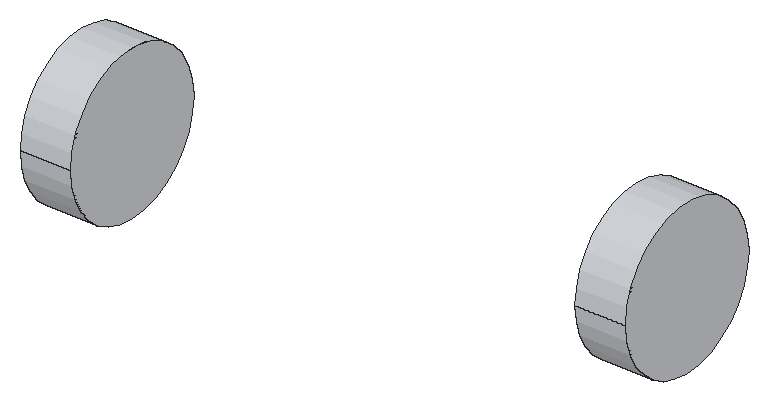
Revit family "SENT125S", category Mechanical Equipment, Revit 2013
Parameters
  Width (including controller) = "400mm"
  Width (excluding controller) = "306mm"
  Weight = "8.5Kg"
  Warranty period = "Unit 2 years,Motor 5 years"
  Spigot Diameter = "125mm"
  Product Description = "Sentinel D-Box Single Fan"
  Part No. = "SENT125S"
  Options = "Weatherproofed and Constant Pressure options"
  Operational and Maintenance Manual = "http://www.vent-axia.com/files/pdf-downloads/432395.pdf"
  Operating Temperature = "(-10C to +40C)"
  Motor Rating = "83 Watts (max)"
  Manufacturer - Website = "www.vent-axia.com"
  Manufacturer - Name = "Vent-Axia Ltd"
  Manufacturer - Email = "sales@vent-axia.com"
  Manufacturer - Contact Phone = "0844 856 0590"
  Manufacturer - Address = "Fleming Way, Crawley, West Sussex RH10 9YX"
  Length (including Spigots) = "443mm"
  Length (excluding Spigots) = "380mm"
  IP Rating  Internal = "IPX2"
  IP Rating  External (WP) = "IPX5"
  Height = "192mm"
  Country of Manufacture = "UK"
  Category = "Sentinel D-Box Single Fan"
  AC Voltage Input = "220-240 V AC (single phase)"
  AC Frequency Input = "50Hz nominal"
Reference planes
  plane 1 "Center (Front/Back)": y = 0
  plane 2: z = 0
  plane 3 "Center (Left/Right)": x = 0
  plane 4: x = 201
  plane 5: x = -201
  plane 6: y = -201
  plane 7: y = 201
  plane 8 "1 DUCT": x = -221.815
  plane 9 "2 DUCT": x = 221.393
Forms (mm)
  Extrusion 1, solid
    sketch origin (-221.815, -64.375, 0) x (0, -1, 0) y (0, 0, 1)
      loop
        circle (-49.574, 128.946) r 62.5
    from 0 to -41.252
  Extrusion 2, solid
    sketch origin (221.393, 63.75, 0) x (0, 1, 0) y (0, 0, 1)
      loop
        circle (-14.746, 129.038) r 62.5
    from -41.273 to 0
Connectors
  hvac at (221.393, 49.004, 129.038)
    settings: on Extrusion 2, index 1, duct flow 0.0 L/s, flow factor 0, pres drop 0.0 Pa, loss coef 0, conn angle 0.00°, conn width 304.8 mm, conn height 304.8 mm, conn radius 62.5 mm, duct sys type 2, conn prof type 0, flow config 0, flow direction 1, loss method 0, conn ref index -1, conn util no, is conn primary yes, conn desc ""
  hvac at (-221.815, -14.801, 128.946)
    settings: on Extrusion 1, index 2, duct flow 0.0 L/s, flow factor 0, pres drop 0.0 Pa, loss coef 0, conn angle 0.00°, conn width 304.8 mm, conn height 304.8 mm, conn radius 62.5 mm, duct sys type 3, conn prof type 0, flow config 0, flow direction 2, loss method 0, conn ref index -1, conn util no, is conn primary no, conn desc ""
